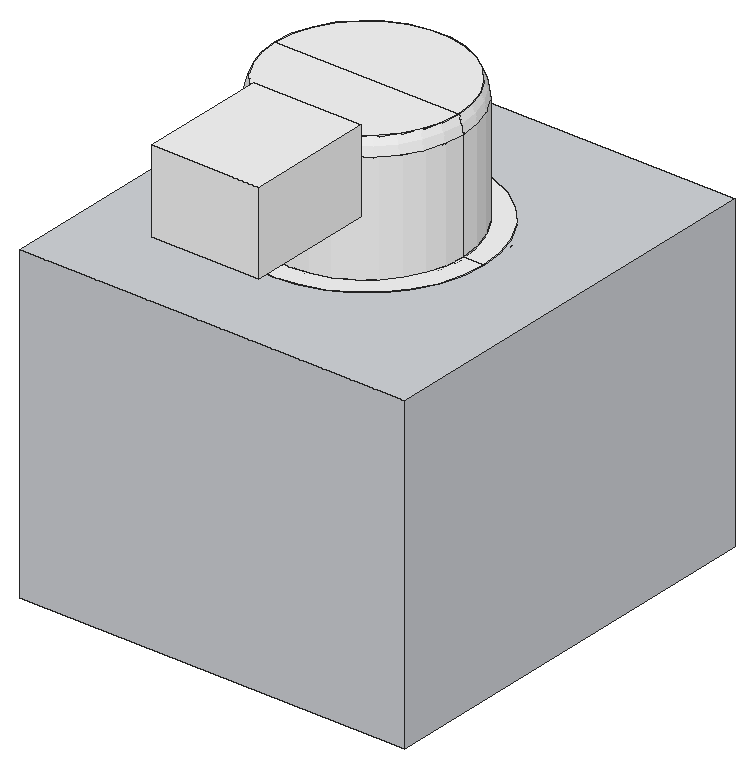
Revit family "CEILING LIGHTING", category Lighting Fixtures, host Face, Revit 2016
Family settings
  Host = Face
  Part Type = Normal
  Round Connector Dimension = Use Diameter
  Cut with Voids When Loaded = Yes
  Light Source = No
  Shared = No
  Room Calculation Point = No
Parameters
  Default Elevation = 2650 mm
  D1 = 180 mm
  D = 195 mm
  Assembly Code = "CL"
Reference planes
  plane 1 "Center (Front/Back)": y = 0
  plane 2: z = 0
  plane 3 "Center (Left/Right)": x = 0
Forms (mm)
  Extrusion 1, solid
    sketch origin (211.446, 127.303, 0) x (0, 1, 0) y (-1, 0, 0)
      loop
        line (72.697, 11.446) -> (72.697, 387.918) -> (-330.453, 387.918) -> (-330.453, 11.446) -> (72.697, 11.446)
    from 0 to -304.8
  Revolve 2, solid, material "Polytetrafluoroethylene PTFE"
    sketch origin (0, 0, 0) x (-1, 0, 0) y (0, 0, -1)
      loop
        line (-95, 10) -> (-111.25, 10)
        arc (-111.25, 10) -> (-113.902, 8.902) -> (-115, 6.25) r 3.75
        line (-115, 6.25) -> (-115, 0) -> (-95, 0) -> (-95, 10)
      axis (0, 10) -> (0, 0)
    angle from 0 to 360
  Revolve 3, solid, material "Polytetrafluoroethylene PTFE"
    sketch origin (0, 0, -6.25) x (-1, 0, 0) y (0, 0, -1)
      loop
        line (-95, -6.25) -> (-95, -113.496)
        arc (-95, -113.496) -> (-93.277, -121.882) -> (-90, -129.791) r 45.112
        line (-90, -129.791) -> (-90, -6.25) -> (-95, -6.25)
      axis (0, -6.25) -> (0, -129.791)
    angle from 0 to 360
  Revolve 4, solid, material "Polytetrafluoroethylene PTFE"
    sketch origin (0, 0, 0) x (-1, 0, 0) y (0, 0, -1)
      loop
        line (-90, -123.541) -> (0, -123.541) -> (0, -53.307) -> (-90, -53.307) -> (-90, -123.541)
      axis (0, -53.307) -> (0, -123.541)
    angle from 0 to 360
  Extrusion 5, solid, material "Polytetrafluoroethylene PTFE"
    sketch origin (0, 0, 0) x (-1, 0, 0) y (0, 0, -1)
      loop
        line (-57.166, -56.491) -> (-57.166, -136.868) -> (47.834, -136.868) -> (47.834, -56.491) -> (-57.166, -56.491)
    from 78.753 to 203.149
  Revolve 6, solid, material "Glass, White, High Luminance"
    sketch origin (0, 0, 0) x (-1, 0, 0) y (0, 0, -1)
      loop
        arc (-90, 5) -> (-93.536, 3.536) -> (-95, 0) r 5
        line (-95, 0) -> (0, 0) -> (0, 5) -> (-90, 5)
      axis (0, 5) -> (0, 0)
    angle from 0 to 360
Lines and regions (mm)
  symbolic lines
    curve 1: circle (-0.407, 0, 0) r 55 normal (0, 0, 1)
    curve 2: line (-0.407, 55, 0) -> (-0.407, -55, 0)
    curve 3: line (-55.407, 0, 0) -> (54.593, 0, 0)
Dimensions and locks
  aligned and locked: plane 2 to Extrusion 1
  aligned and locked: level to Extrusion 1
